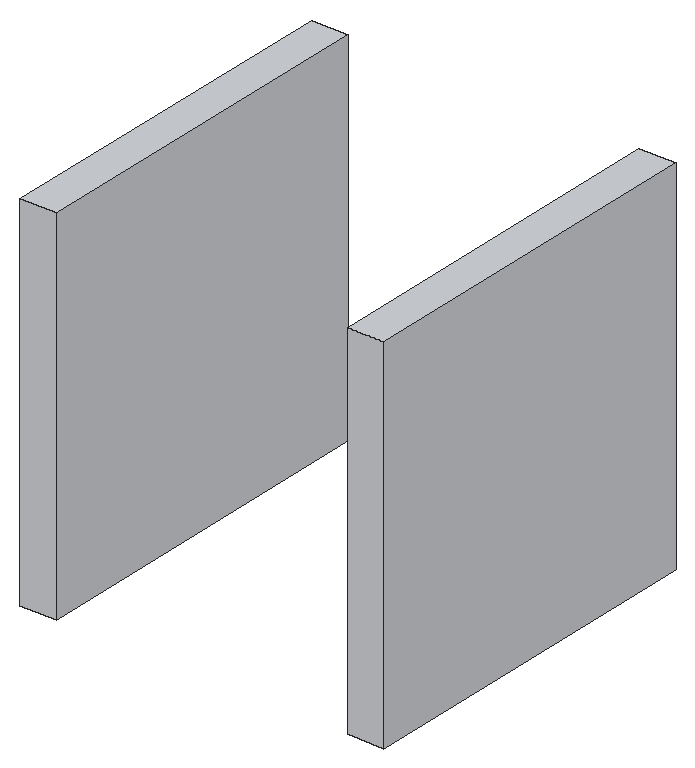
Revit family "ELP - LineBased FIGLIO V ", category Generic Models, Revit 2020
Family settings
  Can host rebar = No
  Round Connector Dimension = Use Diameter
  Part Type = Normal
  Cut with Voids When Loaded = No
  Shared = No
  Room Calculation Point = No
Parameters (values of type "V 20x20x2")
  spessore = 20 mm
  profondità = 200 mm
  distanza = 200 mm
  altezza = 200 mm
  built-in parameter 1001306 [instance] = 1200 mm
  Default Elevation = 0 mm
Reference planes
  plane 1 "Center (Front/Back)": y = 0
  plane 2: z = 0
  plane 3 "Left": x = 0
  plane 4 "Right": x = 1200
  plane 5: z = 200
  plane 6: x = 20
  plane 7: x = 180
  plane 8: x = 200
  plane 9: y = 200
Forms (mm)
  Extrusion 1, solid
    sketch origin (0, 0, 0) x (1, 0, 0) y (0, 1, 0)
      loop
        line (0, 200) -> (0, 0) -> (20, 0) -> (20, 200) -> (0, 200)
      loop
        line (180, 200) -> (180, 0) -> (200, 0) -> (200, 200) -> (180, 200)
    from 0 to 200
Lines and regions (mm)
  reference lines
    curve 1: line (0, 0, 0) -> (1200, 0, 0)
Dimensions and locks
  "built-in parameter 1001306": plane 3 "Left" to plane 4 "Right"
  "spessore": plane 6 to plane 3 "Left"
  "spessore": plane 8 to plane 7
  "altezza": plane 9 to plane 1 "Center (Front/Back)"
  "profondità": plane 5 to level
  "distanza": plane 3 "Left" to plane 8
  aligned and locked: plane 4 "Right" to curve 1
  aligned and locked: plane 1 "Center (Front/Back)" to curve 1
  aligned and locked: plane 3 "Left" to curve 1
  aligned and locked: level to plane 2
  aligned and locked: Extrusion 1 to plane 3 "Left"
  aligned and locked: plane 6 to Extrusion 1
  aligned and locked: Extrusion 1 to plane 7
  aligned and locked: plane 8 to Extrusion 1
  aligned and locked: plane 1 "Center (Front/Back)" to Extrusion 1  (x2)
  aligned and locked: plane 9 to Extrusion 1  (x2)
  aligned and locked: plane 5 to Extrusion 1
Automatic sketch dimensions
  Extrusion 1 sketch curve to plane 3 "Left" = 0 mm
  plane 6 to Extrusion 1 sketch curve = 0 mm
  Extrusion 1 sketch curve to plane 7 = 0 mm
  plane 8 to Extrusion 1 sketch curve = 0 mm
  plane 1 "Center (Front/Back)" to Extrusion 1 sketch curve = 0 mm  (x2)
  plane 9 to Extrusion 1 sketch curve = 0 mm  (x2)
